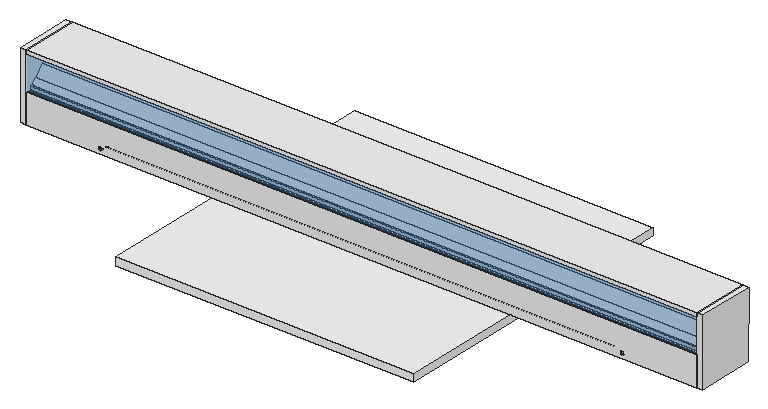
Revit family "BE_50805.1_de_DE", category Leuchten, Revit 2020
Family settings
  Basisbauteil = Fläche
  Bemaßung runder Anschluss = Durchmesser verwenden
  Teiletyp = Normal
  Beim Laden mit Abzugskörper schneiden = Ja
  Lichtquelle = Ja
  Gemeinsam genutzt = Nein
  Raumberechnungspunkt = Ja
Parameters (values of type "BEGA_50805.1_K3")
  built-in parameter 1150104 = 13.935 (stored number, unit not read)
  Wattage = 73.2 W
  Default Elevation = 0 mm
  built-in parameter 1150113 = 1 (stored number, unit not read)
  built-in parameter 1114218 = 1 (stored number, unit not read)
  Umgebungstemperatur = "25 °C"
  URL = "https://www.bega.com/de/produkt/50805.1"
  Typenkommentare = "© 2023 BEGA. Wir behalten uns das Recht vor, technische Änderungen ohne vorherige Ankündigung vorzunehmen."  # constant formula
  built-in parameter 1150134 = (empty or 0)
  built-in parameter 1150109 = 1 (stored number, unit not read)
  built-in parameter 1150110 = 1 (stored number, unit not read)
  Spannung = 239.996 V
  Sonderanfertigung = no
  Seriennummer [instance] = "Hier können Sie die eindeutige Seriennummer für das Facility Management eintragen."
  Schutzklasse = "I"
  Schutzart = "IP 20"
  Scheinlast = 0 VA
  Produktdatenblatt = "https://cdn.bega.com/bega/products/50805.1K3/current/documents/data-sheets/de"
  Neigungswinkel = 0.00°
  Modell = "50805.1K3"
  Material_34 = BEGA_Oberfläche_Samtweiss_matt
  Material_20 = BEGA_Platte_Weiss
  Material_17 = BEGA_Reflektor
  Material_15 = BEGA_Leuchtmedium_matt
  Material_13 = BEGA_Kunststoff_matt
  Material_06 = BEGA_Oberfläche_Edelstahl_gebürstet
  M_W = no
  M_G = no
  M_A = no
  Logo = 0
  built-in parameter 1114217 = 1 (stored number, unit not read)
  built-in parameter 1150139 = (empty or 0)
  built-in parameter 1150105 = 873.76 (stored number, unit not read)
  built-in parameter 1150114 = 1 (stored number, unit not read)
  Lumens = 10980 lm
  built-in parameter 1150115 = 1 (stored number, unit not read)
  Leuchtenlichtstrom = "9052 lm"
  Lebensdauerkriterien = "L70B50 @ 25 °C = 200000 h"
  Lastklassifizierung = Beleuchtung
  built-in parameter 1150112 = 1 (stored number, unit not read)
  Lampenlichtstrom = "10980 lm"
  Lampe = "LED 73.2 W"
  LED_Modulbezeichnung = "6x LED-1049/930"
  Hersteller = "BEGA"  # constant formula
  Gewicht = "5.7 kg"
  Frequenz = "0/50-60 Hz"
  Farbwiedergabeindex = "CRI > 90"
  Farbtemperaturverschiebung bei Dämpfen der Lampe = <Keine Auswahl>
  Farbtemperatur = "3000 K"
  Color Filter = 16777215
  built-in parameter 1150133 = 10 (stored number, unit not read)
  Energieeffizienzklasse = "LED A++ - A"
  built-in parameter 1150137 = (empty or 0)
  built-in parameter 1150132 = (empty or 0)
  ENEC = "ja"
  Dimmbar [instance] = "DALI"
  Datei für fotometrisches Netz = "BE_50805K3.ies"
  CE_Konformität = "ja"
  Bestellnummer = "50805.1K3"
  Beschreibung_Sonderanfertigung = "Hier können Sie Informationen zur Sonderanfertigung eintragen."
  Beschreibung = "Wandleuchte"
  built-in parameter 1150106 = 8.7376 (stored number, unit not read)
  Befestigungsbohrung = "Ø 5,5 mm"
  Befestigungsabstand = "860 mm"
  BEGA_Intern_aus = yes
  BEGA_Intern_an = yes
  BEGA_Intern_Konstruktion = yes
  BEGA_Intern = yes
  BEGA_IES = yes
  BEGA_Dummy = no
  Anschlussleistung [instance] = "81.8 W"
  built-in parameter 1150107 = 3000 (stored number, unit not read)
  built-in parameter 1150102 = (empty or 0)
  built-in parameter 1150138 = (empty or 0)
  Aktualisierung = "2023-06-27T04:00:04"
  AC/DC = "AC/DC"
Reference planes
  plane 1 "Mitte (Vorne/Hinten)": y = 0
  plane 2: z = 0
  plane 3 "Mitte (Links/Rechts)": x = 0
  plane 4 "Links": x = -458
  plane 5 "Rechts": x = 458
  plane 6 "Unten": y = -38
  plane 7 "Oben": y = 38
  plane 8 "Vorne": z = 90
  plane 9 "Hinten": z = 0
Forms (mm)
  Extrusion 1, solid, material "BEGA_Platte_Weiss"
    sketch origin (0, -1119.2, 0) x (1, 0, 0) y (0, 1, 0)
      loop
        line (-200, 1319.2) -> (-200, 919.2) -> (200, 919.2) -> (200, 1319.2) -> (-200, 1319.2)
    from 0 to -10
  Extrusion 2, solid, material "BEGA_Dummy_matt", visible <- "BEGA_Dummy"
    sketch origin (80.095, -76.023, 0) x (1, 0, 0) y (0, 1, 0)
      loop
        line (-538.095, 114.023) -> (-538.095, 38.023) -> (377.905, 38.023) -> (377.905, 114.023) -> (-538.095, 114.023)
    from 0 to 90
Dimensions and locks
  plane 1 "Mitte (Vorne/Hinten)" to Extrusion 1 = 200 mm
  aligned and locked: plane 2 to Extrusion 1
  aligned and locked: level to Extrusion 1
Nested families
  nested 1: "BE_50805.1_Leuchte" at (0, 0, 0), type "BE_50805.1_Leuchte"
Connectors
  electrical at (0, 0, 0), driven by "Lastklassifizierung", driven by "Spannung", driven by "Scheinlast"
    settings: index 1, voltage 239.996 V, apparent load 0 VA, apparent load phase1 0 VA, apparent load phase2 0 VA, apparent load phase3 0 VA, power factor 1, load classification "Beleuchtung", number of poles 1, system type 31, power factor state 1, is connector primary yes, connector utility no, sub classification motor no, connector description ""
Definition of nested family "BE_50805.1_Leuchte"
  Parameters (values of type "BE_50805.1_Leuchte")
    Default Elevation = 1 mm
    URL = "http://www.bega.de/de/produkt"
    Type Comments = "© 2015 BEGA. Wir behalten uns das Recht vor, technische Änderungen ohne vorherige Ankündigung vorzunehmen. "  # constant formula
    Type Image = (empty or 0)
    Material_34 = none
    Material_20 = none
    Material_17 = none
    Material_15 = none
    Material_13 = none
    Material_06 = none
    Länge_Platte = 1000 mm  # constant formula
    Höhe_Platte = -10 mm  # constant formula
    Manufacturer = "BEGA"  # constant formula
    Breite_Platte = 200 mm  # constant formula
  Reference planes
    plane 1 "Mitte (Oben/Unten)": y = 0
    plane 2: z = 0
    plane 3 "Mitte (Links/Rechts)": x = 0
    plane 4: z = 90
    plane 5: x = -458
    plane 6: x = 458
    plane 7: y = -38
    plane 8: y = 38
  Forms (mm)
    Extrusion 1, solid, detail levels medium
      sketch origin (0, 0, 0) x (1, 0, 0) y (0, 1, 0)
        loop
          line (-500, 100) -> (-500, -100) -> (500, -100) -> (500, 100) -> (-500, 100)
      from 0 to -10 <- "Höhe_Platte"
    Extrusion 2, solid, material <- "Material_34"
      sketch origin (0, 0, 0) x (0, 1, 0) y (0, 0, 1)
        loop
          line (-27.5, 8) -> (-27.5, 9.5)
          arc (-27.5, 9.5) -> (-27.646, 9.854) -> (-28, 10) r 0.5
          line (-28, 10) -> (-32.322, 10) -> (-33.2, 9.539)
          arc (-33.2, 9.539) -> (-33.8, 8.5) -> (-33.2, 7.461) r 1.2
          line (-33.2, 7.461) -> (-30.5, 5.902) -> (-30.5, 2.5) -> (-34, 2.5) -> (-34, 0) -> (-26, 0) -> (-23.402, 4.5) -> (22.402, 4.5) -> (25, 0) -> (33, 0) -> (33, 2.5) -> (28, 2.5) -> (26, 4.5) -> (26, 6.5) -> (28.075, 8.575) -> (27.252, 10) -> (24.5, 10)
          arc (24.5, 10) -> (24.146, 9.854) -> (24, 9.5) r 0.5
          line (24, 9.5) -> (24, 8) -> (-27.5, 8)
      from -449 to 449
    Extrusion 3, void
      sketch origin (0, 0, 0) x (1, 0, 0) y (0, 1, 0)
        loop
          arc (432.75, 12.5) -> (430, 15.25) -> (427.25, 12.5) r 2.75
          line (427.25, 12.5) -> (427.25, 7.5)
          arc (427.25, 7.5) -> (430, 4.75) -> (432.75, 7.5) r 2.75
          line (432.75, 7.5) -> (432.75, 12.5)
        loop
          line (-258, -15) -> (-124, -15)
          arc (-124, -15) -> (-118.343, -12.657) -> (-116, -7) r 8
          line (-116, -7) -> (-116, 7)
          arc (-116, 7) -> (-118.343, 12.657) -> (-124, 15) r 8
          line (-124, 15) -> (-258, 15)
          arc (-258, 15) -> (-263.657, 12.657) -> (-266, 7) r 8
          line (-266, 7) -> (-266, -7)
          arc (-266, -7) -> (-263.657, -12.657) -> (-258, -15) r 8
        loop
          arc (-432.5, 12.75) -> (-435.25, 10) -> (-432.5, 7.25) r 2.75
          line (-432.5, 7.25) -> (-427.5, 7.25)
          arc (-427.5, 7.25) -> (-424.75, 10) -> (-427.5, 12.75) r 2.75
          line (-427.5, 12.75) -> (-432.5, 12.75)
      from 4.509 to 8
    Extrusion 4, solid, material <- "Material_34"
      sketch origin (0, 0, 0) x (0, 1, 0) y (0, 0, 1)
        loop
          line (38, 0.5) -> (38, 39.15) -> (33.601, 39.15) -> (6.498, 47.798)
          arc (6.498, 47.798) -> (3.968, 49.61) -> (3, 52.567) r 5
          line (3, 52.567) -> (3, 84) -> (8.5, 84) -> (8.5, 78.176) -> (27.25, 85) -> (38, 85) -> (38, 90) -> (-38, 90) -> (-38, 85) -> (-27.238, 85) -> (-8.5, 78.004) -> (-8.5, 84) -> (-3, 84) -> (-3, 52.567)
          arc (-3, 52.567) -> (-3.966, 49.613) -> (-6.49, 47.8) r 5
          line (-6.49, 47.8) -> (-33.924, 39.15) -> (-38, 39.15) -> (-38, 0.499) -> (-35, 0.506) -> (-35, 2.5) -> (-31.5, 2.5) -> (-31.5, 34.7) -> (-21.034, 38) -> (21.034, 38) -> (31.5, 34.7) -> (31.5, 2.5) -> (35, 2.5) -> (35, 0.5) -> (38, 0.5)
      from -450 to 450
    Extrusion 5, solid, material <- "Material_17"
      sketch origin (0, 0, 0) x (0, 1, 0) y (0, 0, 1)
        loop
          arc (31.45, 43.726) -> (31.305, 44.368) -> (30.899, 44.887) r 1.5
          line (30.899, 44.887) -> (23.469, 51.026)
          arc (23.469, 51.026) -> (17.416, 56.53) -> (11.913, 62.582) r 86.259
          arc (11.913, 62.582) -> (7.762, 69.413) -> (5.732, 77.143) r 27.743
          arc (5.732, 77.143) -> (5.453, 81.427) -> (5.582, 85.717) r 45.261
          line (5.582, 85.717) -> (4.585, 85.795)
          arc (4.585, 85.795) -> (4.454, 81.409) -> (4.738, 77.031) r 46.261
          arc (4.738, 77.031) -> (6.842, 69.022) -> (11.142, 61.946) r 28.743
          arc (11.142, 61.946) -> (14.418, 58.202) -> (17.903, 54.652) r 87.259
          line (17.903, 54.652) -> (30.566, 44.19) -> (30.566, 38.273) -> (31.45, 38.273) -> (31.45, 43.726)
      from -450 to 450
    Extrusion 6, solid, material <- "Material_17"
      sketch origin (0, 0, 0) x (0, -1, 0) y (0, 0, -1)
        loop
          line (31.45, -43.726) -> (31.45, -38.273) -> (30.566, -38.273) -> (30.566, -44.19) -> (17.903, -54.652)
          arc (17.903, -54.652) -> (14.418, -58.202) -> (11.142, -61.946) r 87.259
          arc (11.142, -61.946) -> (6.842, -69.022) -> (4.738, -77.031) r 28.743
          arc (4.738, -77.031) -> (4.454, -81.409) -> (4.585, -85.795) r 46.261
          line (4.585, -85.795) -> (5.582, -85.717)
          arc (5.582, -85.717) -> (5.453, -81.427) -> (5.732, -77.143) r 45.261
          arc (5.732, -77.143) -> (7.762, -69.413) -> (11.913, -62.582) r 27.743
          arc (11.913, -62.582) -> (17.416, -56.53) -> (23.469, -51.026) r 86.259
          line (23.469, -51.026) -> (30.899, -44.887)
          arc (30.899, -44.887) -> (31.305, -44.368) -> (31.45, -43.726) r 1.5
      from -450 to 450
    Extrusion 7, solid, material <- "Material_13"
      sketch origin (0, 0, 0) x (0, 1, 0) y (0, 0, 1)
        loop
          line (-37.4, 85) -> (-37.4, 39.15) -> (-34.4, 39.15) -> (-34.4, 85) -> (-37.4, 85)
        loop
          line (37.4, 39.15) -> (37.4, 85) -> (34.4, 85) -> (34.4, 39.15) -> (37.4, 39.15)
      from -450 to 450
    Extrusion 8, solid, material <- "Material_34"
      sketch origin (0, 0, 0) x (0, 1, 0) y (0, 0, 1)
        loop
          line (38, 0.511) -> (38, 90) -> (-38, 90) -> (-38, 0.498) -> (38, 0.511)
      from 450 to 458
    Extrusion 9, solid, material <- "Material_34"
      sketch origin (0, 0, 0) x (0, 1, 0) y (0, 0, -1)
        loop
          line (38, -0.511) -> (-38, -0.498) -> (-38, -90) -> (38, -90) -> (38, -0.511)
      from 450 to 458
    Extrusion 10, solid, material <- "Material_15"
      sketch origin (0, 0, 0) x (0, 1, 0) y (0, 0, 1)
        loop
          line (13.886, 77.795) -> (16.705, 78.821) -> (16.393, 79.676) -> (13.574, 78.65) -> (13.886, 77.795)
        loop
          line (-13.886, 77.795) -> (-13.574, 78.65) -> (-16.393, 79.676) -> (-16.705, 78.821) -> (-13.886, 77.795)
      from -1.5 to 1.5
    Extrusion 11, solid, material <- "Material_15"
      sketch origin (10.985, 0, 0) x (0, 1, 0) y (0, 0, -1)
        loop
          line (13.886, -77.795) -> (13.574, -78.65) -> (16.393, -79.676) -> (16.705, -78.821) -> (13.886, -77.795)
        loop
          line (-13.886, -77.795) -> (-16.705, -78.821) -> (-16.393, -79.676) -> (-13.574, -78.65) -> (-13.886, -77.795)
      from -1.5 to 1.5
    Extrusion 12, solid, material <- "Material_15"
      sketch origin (21.969, 0, 0) x (0, 1, 0) y (0, 0, -1)
        loop
          line (13.886, -77.795) -> (13.574, -78.65) -> (16.393, -79.676) -> (16.705, -78.821) -> (13.886, -77.795)
        loop
          line (-13.886, -77.795) -> (-16.705, -78.821) -> (-16.393, -79.676) -> (-13.574, -78.65) -> (-13.886, -77.795)
      from -1.5 to 1.5
    Extrusion 13, solid, material <- "Material_15"
      sketch origin (32.954, 0, 0) x (0, 1, 0) y (0, 0, -1)
        loop
          line (13.886, -77.795) -> (13.574, -78.65) -> (16.393, -79.676) -> (16.705, -78.821) -> (13.886, -77.795)
        loop
          line (-13.886, -77.795) -> (-16.705, -78.821) -> (-16.393, -79.676) -> (-13.574, -78.65) -> (-13.886, -77.795)
      from -1.5 to 1.5
    Extrusion 14, solid, material <- "Material_15"
      sketch origin (43.938, 0, 0) x (0, 1, 0) y (0, 0, -1)
        loop
          line (13.886, -77.795) -> (13.574, -78.65) -> (16.393, -79.676) -> (16.705, -78.821) -> (13.886, -77.795)
        loop
          line (-13.886, -77.795) -> (-16.705, -78.821) -> (-16.393, -79.676) -> (-13.574, -78.65) -> (-13.886, -77.795)
      from -1.5 to 1.5
    Extrusion 15, solid, material <- "Material_15"
      sketch origin (54.923, 0, 0) x (0, 1, 0) y (0, 0, -1)
        loop
          line (13.886, -77.795) -> (13.574, -78.65) -> (16.393, -79.676) -> (16.705, -78.821) -> (13.886, -77.795)
        loop
          line (-13.886, -77.795) -> (-16.705, -78.821) -> (-16.393, -79.676) -> (-13.574, -78.65) -> (-13.886, -77.795)
      from -1.5 to 1.5
    Extrusion 16, solid, material <- "Material_15"
      sketch origin (65.908, 0, 0) x (0, 1, 0) y (0, 0, -1)
        loop
          line (13.886, -77.795) -> (13.574, -78.65) -> (16.393, -79.676) -> (16.705, -78.821) -> (13.886, -77.795)
        loop
          line (-13.886, -77.795) -> (-16.705, -78.821) -> (-16.393, -79.676) -> (-13.574, -78.65) -> (-13.886, -77.795)
      from -1.5 to 1.5
    Extrusion 17, solid, material <- "Material_15"
      sketch origin (76.892, 0, 0) x (0, 1, 0) y (0, 0, -1)
        loop
          line (13.886, -77.795) -> (13.574, -78.65) -> (16.393, -79.676) -> (16.705, -78.821) -> (13.886, -77.795)
        loop
          line (-13.886, -77.795) -> (-16.705, -78.821) -> (-16.393, -79.676) -> (-13.574, -78.65) -> (-13.886, -77.795)
      from -1.5 to 1.5
    Extrusion 18, solid, material <- "Material_15"
      sketch origin (87.877, 0, 0) x (0, 1, 0) y (0, 0, -1)
        loop
          line (13.886, -77.795) -> (13.574, -78.65) -> (16.393, -79.676) -> (16.705, -78.821) -> (13.886, -77.795)
        loop
          line (-13.886, -77.795) -> (-16.705, -78.821) -> (-16.393, -79.676) -> (-13.574, -78.65) -> (-13.886, -77.795)
      from -1.5 to 1.5
    Extrusion 19, solid, material <- "Material_15"
      sketch origin (98.862, 0, 0) x (0, 1, 0) y (0, 0, -1)
        loop
          line (13.886, -77.795) -> (13.574, -78.65) -> (16.393, -79.676) -> (16.705, -78.821) -> (13.886, -77.795)
        loop
          line (-13.886, -77.795) -> (-16.705, -78.821) -> (-16.393, -79.676) -> (-13.574, -78.65) -> (-13.886, -77.795)
      from -1.5 to 1.5
    Extrusion 20, solid, material <- "Material_15"
      sketch origin (109.846, 0, 0) x (0, 1, 0) y (0, 0, -1)
        loop
          line (13.886, -77.795) -> (13.574, -78.65) -> (16.393, -79.676) -> (16.705, -78.821) -> (13.886, -77.795)
        loop
          line (-13.886, -77.795) -> (-16.705, -78.821) -> (-16.393, -79.676) -> (-13.574, -78.65) -> (-13.886, -77.795)
      from -1.5 to 1.5
    Extrusion 21, solid, material <- "Material_15"
      sketch origin (120.831, 0, 0) x (0, 1, 0) y (0, 0, -1)
        loop
          line (13.886, -77.795) -> (13.574, -78.65) -> (16.393, -79.676) -> (16.705, -78.821) -> (13.886, -77.795)
        loop
          line (-13.886, -77.795) -> (-16.705, -78.821) -> (-16.393, -79.676) -> (-13.574, -78.65) -> (-13.886, -77.795)
      from -1.5 to 1.5
    Extrusion 22, solid, material <- "Material_15"
      sketch origin (131.815, 0, 0) x (0, 1, 0) y (0, 0, -1)
        loop
          line (13.886, -77.795) -> (13.574, -78.65) -> (16.393, -79.676) -> (16.705, -78.821) -> (13.886, -77.795)
        loop
          line (-13.886, -77.795) -> (-16.705, -78.821) -> (-16.393, -79.676) -> (-13.574, -78.65) -> (-13.886, -77.795)
      from -1.5 to 1.5
    Extrusion 23, solid, material <- "Material_15"
      sketch origin (142.8, 0, 0) x (0, 1, 0) y (0, 0, -1)
        loop
          line (13.886, -77.795) -> (13.574, -78.65) -> (16.393, -79.676) -> (16.705, -78.821) -> (13.886, -77.795)
        loop
          line (-13.886, -77.795) -> (-16.705, -78.821) -> (-16.393, -79.676) -> (-13.574, -78.65) -> (-13.886, -77.795)
      from -1.5 to 1.5
    Extrusion 24, solid, material <- "Material_15"
      sketch origin (156.2, 0, 0) x (0, 1, 0) y (0, 0, -1)
        loop
          line (13.886, -77.795) -> (13.574, -78.65) -> (16.393, -79.676) -> (16.705, -78.821) -> (13.886, -77.795)
        loop
          line (-13.886, -77.795) -> (-16.705, -78.821) -> (-16.393, -79.676) -> (-13.574, -78.65) -> (-13.886, -77.795)
      from -1.5 to 1.5
    Extrusion 25, solid, material <- "Material_15"
      sketch origin (167.185, 0, 0) x (0, 1, 0) y (0, 0, -1)
        loop
          line (13.886, -77.795) -> (13.574, -78.65) -> (16.393, -79.676) -> (16.705, -78.821) -> (13.886, -77.795)
        loop
          line (-13.886, -77.795) -> (-16.705, -78.821) -> (-16.393, -79.676) -> (-13.574, -78.65) -> (-13.886, -77.795)
      from -1.5 to 1.5
    Extrusion 26, solid, material <- "Material_15"
      sketch origin (178.169, 0, 0) x (0, 1, 0) y (0, 0, -1)
        loop
          line (13.886, -77.795) -> (13.574, -78.65) -> (16.393, -79.676) -> (16.705, -78.821) -> (13.886, -77.795)
        loop
          line (-13.886, -77.795) -> (-16.705, -78.821) -> (-16.393, -79.676) -> (-13.574, -78.65) -> (-13.886, -77.795)
      from -1.5 to 1.5
    Extrusion 27, solid, material <- "Material_15"
      sketch origin (189.154, 0, 0) x (0, 1, 0) y (0, 0, -1)
        loop
          line (13.886, -77.795) -> (13.574, -78.65) -> (16.393, -79.676) -> (16.705, -78.821) -> (13.886, -77.795)
        loop
          line (-13.886, -77.795) -> (-16.705, -78.821) -> (-16.393, -79.676) -> (-13.574, -78.65) -> (-13.886, -77.795)
      from -1.5 to 1.5
    Extrusion 28, solid, material <- "Material_15"
      sketch origin (200.138, 0, 0) x (0, 1, 0) y (0, 0, -1)
        loop
          line (13.886, -77.795) -> (13.574, -78.65) -> (16.393, -79.676) -> (16.705, -78.821) -> (13.886, -77.795)
        loop
          line (-13.886, -77.795) -> (-16.705, -78.821) -> (-16.393, -79.676) -> (-13.574, -78.65) -> (-13.886, -77.795)
      from -1.5 to 1.5
    Extrusion 29, solid, material <- "Material_15"
      sketch origin (211.123, 0, 0) x (0, 1, 0) y (0, 0, -1)
        loop
          line (13.886, -77.795) -> (13.574, -78.65) -> (16.393, -79.676) -> (16.705, -78.821) -> (13.886, -77.795)
        loop
          line (-13.886, -77.795) -> (-16.705, -78.821) -> (-16.393, -79.676) -> (-13.574, -78.65) -> (-13.886, -77.795)
      from -1.5 to 1.5
    Extrusion 30, solid, material <- "Material_15"
      sketch origin (222.108, 0, 0) x (0, 1, 0) y (0, 0, -1)
        loop
          line (13.886, -77.795) -> (13.574, -78.65) -> (16.393, -79.676) -> (16.705, -78.821) -> (13.886, -77.795)
        loop
          line (-13.886, -77.795) -> (-16.705, -78.821) -> (-16.393, -79.676) -> (-13.574, -78.65) -> (-13.886, -77.795)
      from -1.5 to 1.5
    Extrusion 31, solid, material <- "Material_15"
      sketch origin (233.092, 0, 0) x (0, 1, 0) y (0, 0, -1)
        loop
          line (13.886, -77.795) -> (13.574, -78.65) -> (16.393, -79.676) -> (16.705, -78.821) -> (13.886, -77.795)
        loop
          line (-13.886, -77.795) -> (-16.705, -78.821) -> (-16.393, -79.676) -> (-13.574, -78.65) -> (-13.886, -77.795)
      from -1.5 to 1.5
    Extrusion 32, solid, material <- "Material_15"
      sketch origin (244.077, 0, 0) x (0, 1, 0) y (0, 0, -1)
        loop
          line (13.886, -77.795) -> (13.574, -78.65) -> (16.393, -79.676) -> (16.705, -78.821) -> (13.886, -77.795)
        loop
          line (-13.886, -77.795) -> (-16.705, -78.821) -> (-16.393, -79.676) -> (-13.574, -78.65) -> (-13.886, -77.795)
      from -1.5 to 1.5
    Extrusion 33, solid, material <- "Material_15"
      sketch origin (255.062, 0, 0) x (0, 1, 0) y (0, 0, -1)
        loop
          line (13.886, -77.795) -> (13.574, -78.65) -> (16.393, -79.676) -> (16.705, -78.821) -> (13.886, -77.795)
        loop
          line (-13.886, -77.795) -> (-16.705, -78.821) -> (-16.393, -79.676) -> (-13.574, -78.65) -> (-13.886, -77.795)
      from -1.5 to 1.5
    Extrusion 34, solid, material <- "Material_15"
      sketch origin (266.046, 0, 0) x (0, 1, 0) y (0, 0, -1)
        loop
          line (13.886, -77.795) -> (13.574, -78.65) -> (16.393, -79.676) -> (16.705, -78.821) -> (13.886, -77.795)
        loop
          line (-13.886, -77.795) -> (-16.705, -78.821) -> (-16.393, -79.676) -> (-13.574, -78.65) -> (-13.886, -77.795)
      from -1.5 to 1.5
    Extrusion 35, solid, material <- "Material_15"
      sketch origin (277.031, 0, 0) x (0, 1, 0) y (0, 0, -1)
        loop
          line (13.886, -77.795) -> (13.574, -78.65) -> (16.393, -79.676) -> (16.705, -78.821) -> (13.886, -77.795)
        loop
          line (-13.886, -77.795) -> (-16.705, -78.821) -> (-16.393, -79.676) -> (-13.574, -78.65) -> (-13.886, -77.795)
      from -1.5 to 1.5
    Extrusion 36, solid, material <- "Material_15"
      sketch origin (288.015, 0, 0) x (0, 1, 0) y (0, 0, -1)
        loop
          line (13.886, -77.795) -> (13.574, -78.65) -> (16.393, -79.676) -> (16.705, -78.821) -> (13.886, -77.795)
        loop
          line (-13.886, -77.795) -> (-16.705, -78.821) -> (-16.393, -79.676) -> (-13.574, -78.65) -> (-13.886, -77.795)
      from -1.5 to 1.5
    Extrusion 37, solid, material <- "Material_15"
      sketch origin (299, 0, 0) x (0, 1, 0) y (0, 0, -1)
        loop
          line (13.886, -77.795) -> (13.574, -78.65) -> (16.393, -79.676) -> (16.705, -78.821) -> (13.886, -77.795)
        loop
          line (-13.886, -77.795) -> (-16.705, -78.821) -> (-16.393, -79.676) -> (-13.574, -78.65) -> (-13.886, -77.795)
      from -1.5 to 1.5
    Extrusion 38, solid, material <- "Material_15"
      sketch origin (309.985, 0, 0) x (0, 1, 0) y (0, 0, -1)
        loop
          line (13.886, -77.795) -> (13.574, -78.65) -> (16.393, -79.676) -> (16.705, -78.821) -> (13.886, -77.795)
        loop
          line (-13.886, -77.795) -> (-16.705, -78.821) -> (-16.393, -79.676) -> (-13.574, -78.65) -> (-13.886, -77.795)
      from -1.5 to 1.5
    Extrusion 39, solid, material <- "Material_15"
      sketch origin (320.969, 0, 0) x (0, 1, 0) y (0, 0, -1)
        loop
          line (13.886, -77.795) -> (13.574, -78.65) -> (16.393, -79.676) -> (16.705, -78.821) -> (13.886, -77.795)
        loop
          line (-13.886, -77.795) -> (-16.705, -78.821) -> (-16.393, -79.676) -> (-13.574, -78.65) -> (-13.886, -77.795)
      from -1.5 to 1.5
    Extrusion 40, solid, material <- "Material_15"
      sketch origin (331.954, 0, 0) x (0, 1, 0) y (0, 0, -1)
        loop
          line (13.886, -77.795) -> (13.574, -78.65) -> (16.393, -79.676) -> (16.705, -78.821) -> (13.886, -77.795)
        loop
          line (-13.886, -77.795) -> (-16.705, -78.821) -> (-16.393, -79.676) -> (-13.574, -78.65) -> (-13.886, -77.795)
      from -1.5 to 1.5
    Extrusion 41, solid, material <- "Material_15"
      sketch origin (342.938, 0, 0) x (0, 1, 0) y (0, 0, -1)
        loop
          line (13.886, -77.795) -> (13.574, -78.65) -> (16.393, -79.676) -> (16.705, -78.821) -> (13.886, -77.795)
        loop
          line (-13.886, -77.795) -> (-16.705, -78.821) -> (-16.393, -79.676) -> (-13.574, -78.65) -> (-13.886, -77.795)
      from -1.5 to 1.5
    Extrusion 42, solid, material <- "Material_15"
      sketch origin (353.923, 0, 0) x (0, 1, 0) y (0, 0, -1)
        loop
          line (13.886, -77.795) -> (13.574, -78.65) -> (16.393, -79.676) -> (16.705, -78.821) -> (13.886, -77.795)
        loop
          line (-13.886, -77.795) -> (-16.705, -78.821) -> (-16.393, -79.676) -> (-13.574, -78.65) -> (-13.886, -77.795)
      from -1.5 to 1.5
    Extrusion 43, solid, material <- "Material_15"
      sketch origin (364.908, 0, 0) x (0, 1, 0) y (0, 0, -1)
        loop
          line (13.886, -77.795) -> (13.574, -78.65) -> (16.393, -79.676) -> (16.705, -78.821) -> (13.886, -77.795)
        loop
          line (-13.886, -77.795) -> (-16.705, -78.821) -> (-16.393, -79.676) -> (-13.574, -78.65) -> (-13.886, -77.795)
      from -1.5 to 1.5
    Extrusion 44, solid, material <- "Material_15"
      sketch origin (375.892, 0, 0) x (0, 1, 0) y (0, 0, -1)
        loop
          line (13.886, -77.795) -> (13.574, -78.65) -> (16.393, -79.676) -> (16.705, -78.821) -> (13.886, -77.795)
        loop
          line (-13.886, -77.795) -> (-16.705, -78.821) -> (-16.393, -79.676) -> (-13.574, -78.65) -> (-13.886, -77.795)
      from -1.5 to 1.5
    Extrusion 45, solid, material <- "Material_15"
      sketch origin (386.877, 0, 0) x (0, 1, 0) y (0, 0, -1)
        loop
          line (13.886, -77.795) -> (13.574, -78.65) -> (16.393, -79.676) -> (16.705, -78.821) -> (13.886, -77.795)
        loop
          line (-13.886, -77.795) -> (-16.705, -78.821) -> (-16.393, -79.676) -> (-13.574, -78.65) -> (-13.886, -77.795)
      from -1.5 to 1.5
    Extrusion 46, solid, material <- "Material_15"
      sketch origin (397.862, 0, 0) x (0, 1, 0) y (0, 0, -1)
        loop
          line (13.886, -77.795) -> (13.574, -78.65) -> (16.393, -79.676) -> (16.705, -78.821) -> (13.886, -77.795)
        loop
          line (-13.886, -77.795) -> (-16.705, -78.821) -> (-16.393, -79.676) -> (-13.574, -78.65) -> (-13.886, -77.795)
      from -1.5 to 1.5
    Extrusion 47, solid, material <- "Material_15"
      sketch origin (408.846, 0, 0) x (0, 1, 0) y (0, 0, -1)
        loop
          line (13.886, -77.795) -> (13.574, -78.65) -> (16.393, -79.676) -> (16.705, -78.821) -> (13.886, -77.795)
        loop
          line (-13.886, -77.795) -> (-16.705, -78.821) -> (-16.393, -79.676) -> (-13.574, -78.65) -> (-13.886, -77.795)
      from -1.5 to 1.5
    Extrusion 48, solid, material <- "Material_15"
      sketch origin (419.831, 0, 0) x (0, 1, 0) y (0, 0, -1)
        loop
          line (13.886, -77.795) -> (13.574, -78.65) -> (16.393, -79.676) -> (16.705, -78.821) -> (13.886, -77.795)
        loop
          line (-13.886, -77.795) -> (-16.705, -78.821) -> (-16.393, -79.676) -> (-13.574, -78.65) -> (-13.886, -77.795)
      from -1.5 to 1.5
    Extrusion 49, solid, material <- "Material_15"
      sketch origin (430.815, 0, 0) x (0, 1, 0) y (0, 0, -1)
        loop
          line (13.886, -77.795) -> (13.574, -78.65) -> (16.393, -79.676) -> (16.705, -78.821) -> (13.886, -77.795)
        loop
          line (-13.886, -77.795) -> (-16.705, -78.821) -> (-16.393, -79.676) -> (-13.574, -78.65) -> (-13.886, -77.795)
      from -1.5 to 1.5
    Extrusion 50, solid, material <- "Material_15"
      sketch origin (441.8, 0, 0) x (0, 1, 0) y (0, 0, -1)
        loop
          line (13.886, -77.795) -> (13.574, -78.65) -> (16.393, -79.676) -> (16.705, -78.821) -> (13.886, -77.795)
        loop
          line (-13.886, -77.795) -> (-16.705, -78.821) -> (-16.393, -79.676) -> (-13.574, -78.65) -> (-13.886, -77.795)
      from -1.5 to 1.5
    Extrusion 51, solid, material <- "Material_15"
      sketch origin (-142.8, 0, 0) x (0, 1, 0) y (0, 0, -1)
        loop
          line (13.886, -77.795) -> (13.574, -78.65) -> (16.393, -79.676) -> (16.705, -78.821) -> (13.886, -77.795)
        loop
          line (-13.886, -77.795) -> (-16.705, -78.821) -> (-16.393, -79.676) -> (-13.574, -78.65) -> (-13.886, -77.795)
      from -1.5 to 1.5
    Extrusion 52, solid, material <- "Material_15"
      sketch origin (-131.815, 0, 0) x (0, 1, 0) y (0, 0, -1)
        loop
          line (13.886, -77.795) -> (13.574, -78.65) -> (16.393, -79.676) -> (16.705, -78.821) -> (13.886, -77.795)
        loop
          line (-13.886, -77.795) -> (-16.705, -78.821) -> (-16.393, -79.676) -> (-13.574, -78.65) -> (-13.886, -77.795)
      from -1.5 to 1.5
    Extrusion 53, solid, material <- "Material_15"
      sketch origin (-120.831, 0, 0) x (0, 1, 0) y (0, 0, -1)
        loop
          line (13.886, -77.795) -> (13.574, -78.65) -> (16.393, -79.676) -> (16.705, -78.821) -> (13.886, -77.795)
        loop
          line (-13.886, -77.795) -> (-16.705, -78.821) -> (-16.393, -79.676) -> (-13.574, -78.65) -> (-13.886, -77.795)
      from -1.5 to 1.5
    Extrusion 54, solid, material <- "Material_15"
      sketch origin (-109.846, 0, 0) x (0, 1, 0) y (0, 0, -1)
        loop
          line (13.886, -77.795) -> (13.574, -78.65) -> (16.393, -79.676) -> (16.705, -78.821) -> (13.886, -77.795)
        loop
          line (-13.886, -77.795) -> (-16.705, -78.821) -> (-16.393, -79.676) -> (-13.574, -78.65) -> (-13.886, -77.795)
      from -1.5 to 1.5
    Extrusion 55, solid, material <- "Material_15"
      sketch origin (-98.862, 0, 0) x (0, 1, 0) y (0, 0, -1)
        loop
          line (13.886, -77.795) -> (13.574, -78.65) -> (16.393, -79.676) -> (16.705, -78.821) -> (13.886, -77.795)
        loop
          line (-13.886, -77.795) -> (-16.705, -78.821) -> (-16.393, -79.676) -> (-13.574, -78.65) -> (-13.886, -77.795)
      from -1.5 to 1.5
    Extrusion 56, solid, material <- "Material_15"
      sketch origin (-87.877, 0, 0) x (0, 1, 0) y (0, 0, -1)
        loop
          line (13.886, -77.795) -> (13.574, -78.65) -> (16.393, -79.676) -> (16.705, -78.821) -> (13.886, -77.795)
        loop
          line (-13.886, -77.795) -> (-16.705, -78.821) -> (-16.393, -79.676) -> (-13.574, -78.65) -> (-13.886, -77.795)
      from -1.5 to 1.5
    Extrusion 57, solid, material <- "Material_15"
      sketch origin (-76.892, 0, 0) x (0, 1, 0) y (0, 0, -1)
        loop
          line (13.886, -77.795) -> (13.574, -78.65) -> (16.393, -79.676) -> (16.705, -78.821) -> (13.886, -77.795)
        loop
          line (-13.886, -77.795) -> (-16.705, -78.821) -> (-16.393, -79.676) -> (-13.574, -78.65) -> (-13.886, -77.795)
      from -1.5 to 1.5
    Extrusion 58, solid, material <- "Material_15"
      sketch origin (-65.908, 0, 0) x (0, 1, 0) y (0, 0, -1)
        loop
          line (13.886, -77.795) -> (13.574, -78.65) -> (16.393, -79.676) -> (16.705, -78.821) -> (13.886, -77.795)
        loop
          line (-13.886, -77.795) -> (-16.705, -78.821) -> (-16.393, -79.676) -> (-13.574, -78.65) -> (-13.886, -77.795)
      from -1.5 to 1.5
    Extrusion 59, solid, material <- "Material_15"
      sketch origin (-54.923, 0, 0) x (0, 1, 0) y (0, 0, -1)
        loop
          line (13.886, -77.795) -> (13.574, -78.65) -> (16.393, -79.676) -> (16.705, -78.821) -> (13.886, -77.795)
        loop
          line (-13.886, -77.795) -> (-16.705, -78.821) -> (-16.393, -79.676) -> (-13.574, -78.65) -> (-13.886, -77.795)
      from -1.5 to 1.5
    Extrusion 60, solid, material <- "Material_15"
      sketch origin (-43.938, 0, 0) x (0, 1, 0) y (0, 0, -1)
        loop
          line (13.886, -77.795) -> (13.574, -78.65) -> (16.393, -79.676) -> (16.705, -78.821) -> (13.886, -77.795)
        loop
          line (-13.886, -77.795) -> (-16.705, -78.821) -> (-16.393, -79.676) -> (-13.574, -78.65) -> (-13.886, -77.795)
      from -1.5 to 1.5
    Extrusion 61, solid, material <- "Material_15"
      sketch origin (-32.954, 0, 0) x (0, 1, 0) y (0, 0, -1)
        loop
          line (13.886, -77.795) -> (13.574, -78.65) -> (16.393, -79.676) -> (16.705, -78.821) -> (13.886, -77.795)
        loop
          line (-13.886, -77.795) -> (-16.705, -78.821) -> (-16.393, -79.676) -> (-13.574, -78.65) -> (-13.886, -77.795)
      from -1.5 to 1.5
    Extrusion 62, solid, material <- "Material_15"
      sketch origin (-21.969, 0, 0) x (0, 1, 0) y (0, 0, -1)
        loop
          line (13.886, -77.795) -> (13.574, -78.65) -> (16.393, -79.676) -> (16.705, -78.821) -> (13.886, -77.795)
        loop
          line (-13.886, -77.795) -> (-16.705, -78.821) -> (-16.393, -79.676) -> (-13.574, -78.65) -> (-13.886, -77.795)
      from -1.5 to 1.5
    Extrusion 63, solid, material <- "Material_15"
      sketch origin (-10.985, 0, 0) x (0, 1, 0) y (0, 0, -1)
        loop
          line (13.886, -77.795) -> (13.574, -78.65) -> (16.393, -79.676) -> (16.705, -78.821) -> (13.886, -77.795)
        loop
          line (-13.886, -77.795) -> (-16.705, -78.821) -> (-16.393, -79.676) -> (-13.574, -78.65) -> (-13.886, -77.795)
      from -1.5 to 1.5
    Extrusion 64, solid, material <- "Material_15"
      sketch origin (-288.015, 0, 0) x (0, 1, 0) y (0, 0, -1)
        loop
          line (13.886, -77.795) -> (13.574, -78.65) -> (16.393, -79.676) -> (16.705, -78.821) -> (13.886, -77.795)
        loop
          line (-13.886, -77.795) -> (-16.705, -78.821) -> (-16.393, -79.676) -> (-13.574, -78.65) -> (-13.886, -77.795)
      from -1.5 to 1.5
    Extrusion 65, solid, material <- "Material_15"
      sketch origin (-277.031, 0, 0) x (0, 1, 0) y (0, 0, -1)
        loop
          line (13.886, -77.795) -> (13.574, -78.65) -> (16.393, -79.676) -> (16.705, -78.821) -> (13.886, -77.795)
        loop
          line (-13.886, -77.795) -> (-16.705, -78.821) -> (-16.393, -79.676) -> (-13.574, -78.65) -> (-13.886, -77.795)
      from -1.5 to 1.5
    Extrusion 66, solid, material <- "Material_15"
      sketch origin (-266.046, 0, 0) x (0, 1, 0) y (0, 0, -1)
        loop
          line (13.886, -77.795) -> (13.574, -78.65) -> (16.393, -79.676) -> (16.705, -78.821) -> (13.886, -77.795)
        loop
          line (-13.886, -77.795) -> (-16.705, -78.821) -> (-16.393, -79.676) -> (-13.574, -78.65) -> (-13.886, -77.795)
      from -1.5 to 1.5
    Extrusion 67, solid, material <- "Material_15"
      sketch origin (-255.062, 0, 0) x (0, 1, 0) y (0, 0, -1)
        loop
          line (13.886, -77.795) -> (13.574, -78.65) -> (16.393, -79.676) -> (16.705, -78.821) -> (13.886, -77.795)
        loop
          line (-13.886, -77.795) -> (-16.705, -78.821) -> (-16.393, -79.676) -> (-13.574, -78.65) -> (-13.886, -77.795)
      from -1.5 to 1.5
    Extrusion 68, solid, material <- "Material_15"
      sketch origin (-244.077, 0, 0) x (0, 1, 0) y (0, 0, -1)
        loop
          line (13.886, -77.795) -> (13.574, -78.65) -> (16.393, -79.676) -> (16.705, -78.821) -> (13.886, -77.795)
        loop
          line (-13.886, -77.795) -> (-16.705, -78.821) -> (-16.393, -79.676) -> (-13.574, -78.65) -> (-13.886, -77.795)
      from -1.5 to 1.5
    Extrusion 69, solid, material <- "Material_15"
      sketch origin (-233.092, 0, 0) x (0, 1, 0) y (0, 0, -1)
        loop
          line (13.886, -77.795) -> (13.574, -78.65) -> (16.393, -79.676) -> (16.705, -78.821) -> (13.886, -77.795)
        loop
          line (-13.886, -77.795) -> (-16.705, -78.821) -> (-16.393, -79.676) -> (-13.574, -78.65) -> (-13.886, -77.795)
      from -1.5 to 1.5
    Extrusion 70, solid, material <- "Material_15"
      sketch origin (-222.108, 0, 0) x (0, 1, 0) y (0, 0, -1)
        loop
          line (13.886, -77.795) -> (13.574, -78.65) -> (16.393, -79.676) -> (16.705, -78.821) -> (13.886, -77.795)
        loop
          line (-13.886, -77.795) -> (-16.705, -78.821) -> (-16.393, -79.676) -> (-13.574, -78.65) -> (-13.886, -77.795)
      from -1.5 to 1.5
    Extrusion 71, solid, material <- "Material_15"
      sketch origin (-211.123, 0, 0) x (0, 1, 0) y (0, 0, -1)
        loop
          line (13.886, -77.795) -> (13.574, -78.65) -> (16.393, -79.676) -> (16.705, -78.821) -> (13.886, -77.795)
        loop
          line (-13.886, -77.795) -> (-16.705, -78.821) -> (-16.393, -79.676) -> (-13.574, -78.65) -> (-13.886, -77.795)
      from -1.5 to 1.5
    Extrusion 72, solid, material <- "Material_15"
      sketch origin (-200.138, 0, 0) x (0, 1, 0) y (0, 0, -1)
        loop
          line (13.886, -77.795) -> (13.574, -78.65) -> (16.393, -79.676) -> (16.705, -78.821) -> (13.886, -77.795)
        loop
          line (-13.886, -77.795) -> (-16.705, -78.821) -> (-16.393, -79.676) -> (-13.574, -78.65) -> (-13.886, -77.795)
      from -1.5 to 1.5
    Extrusion 73, solid, material <- "Material_15"
      sketch origin (-189.154, 0, 0) x (0, 1, 0) y (0, 0, -1)
        loop
          line (13.886, -77.795) -> (13.574, -78.65) -> (16.393, -79.676) -> (16.705, -78.821) -> (13.886, -77.795)
        loop
          line (-13.886, -77.795) -> (-16.705, -78.821) -> (-16.393, -79.676) -> (-13.574, -78.65) -> (-13.886, -77.795)
      from -1.5 to 1.5
    Extrusion 74, solid, material <- "Material_15"
      sketch origin (-178.169, 0, 0) x (0, 1, 0) y (0, 0, -1)
        loop
          line (13.886, -77.795) -> (13.574, -78.65) -> (16.393, -79.676) -> (16.705, -78.821) -> (13.886, -77.795)
        loop
          line (-13.886, -77.795) -> (-16.705, -78.821) -> (-16.393, -79.676) -> (-13.574, -78.65) -> (-13.886, -77.795)
      from -1.5 to 1.5
    Extrusion 75, solid, material <- "Material_15"
      sketch origin (-167.185, 0, 0) x (0, 1, 0) y (0, 0, -1)
        loop
          line (13.886, -77.795) -> (13.574, -78.65) -> (16.393, -79.676) -> (16.705, -78.821) -> (13.886, -77.795)
        loop
          line (-13.886, -77.795) -> (-16.705, -78.821) -> (-16.393, -79.676) -> (-13.574, -78.65) -> (-13.886, -77.795)
      from -1.5 to 1.5
    Extrusion 76, solid, material <- "Material_15"
      sketch origin (-156.2, 0, 0) x (0, 1, 0) y (0, 0, -1)
        loop
          line (13.886, -77.795) -> (13.574, -78.65) -> (16.393, -79.676) -> (16.705, -78.821) -> (13.886, -77.795)
        loop
          line (-13.886, -77.795) -> (-16.705, -78.821) -> (-16.393, -79.676) -> (-13.574, -78.65) -> (-13.886, -77.795)
      from -1.5 to 1.5
    Extrusion 77, solid, material <- "Material_15"
      sketch origin (-430.815, 0, 0) x (0, 1, 0) y (0, 0, -1)
        loop
          line (13.886, -77.795) -> (13.574, -78.65) -> (16.393, -79.676) -> (16.705, -78.821) -> (13.886, -77.795)
        loop
          line (-13.886, -77.795) -> (-16.705, -78.821) -> (-16.393, -79.676) -> (-13.574, -78.65) -> (-13.886, -77.795)
      from -1.5 to 1.5
    Extrusion 78, solid, material <- "Material_15"
      sketch origin (-419.831, 0, 0) x (0, 1, 0) y (0, 0, -1)
        loop
          line (13.886, -77.795) -> (13.574, -78.65) -> (16.393, -79.676) -> (16.705, -78.821) -> (13.886, -77.795)
        loop
          line (-13.886, -77.795) -> (-16.705, -78.821) -> (-16.393, -79.676) -> (-13.574, -78.65) -> (-13.886, -77.795)
      from -1.5 to 1.5
    Extrusion 79, solid, material <- "Material_15"
      sketch origin (-408.846, 0, 0) x (0, 1, 0) y (0, 0, -1)
        loop
          line (13.886, -77.795) -> (13.574, -78.65) -> (16.393, -79.676) -> (16.705, -78.821) -> (13.886, -77.795)
        loop
          line (-13.886, -77.795) -> (-16.705, -78.821) -> (-16.393, -79.676) -> (-13.574, -78.65) -> (-13.886, -77.795)
      from -1.5 to 1.5
    Extrusion 80, solid, material <- "Material_15"
      sketch origin (-397.862, 0, 0) x (0, 1, 0) y (0, 0, -1)
        loop
          line (13.886, -77.795) -> (13.574, -78.65) -> (16.393, -79.676) -> (16.705, -78.821) -> (13.886, -77.795)
        loop
          line (-13.886, -77.795) -> (-16.705, -78.821) -> (-16.393, -79.676) -> (-13.574, -78.65) -> (-13.886, -77.795)
      from -1.5 to 1.5
    Extrusion 81, solid, material <- "Material_15"
      sketch origin (-386.877, 0, 0) x (0, 1, 0) y (0, 0, -1)
        loop
          line (13.886, -77.795) -> (13.574, -78.65) -> (16.393, -79.676) -> (16.705, -78.821) -> (13.886, -77.795)
        loop
          line (-13.886, -77.795) -> (-16.705, -78.821) -> (-16.393, -79.676) -> (-13.574, -78.65) -> (-13.886, -77.795)
      from -1.5 to 1.5
    Extrusion 82, solid, material <- "Material_15"
      sketch origin (-375.892, 0, 0) x (0, 1, 0) y (0, 0, -1)
        loop
          line (13.886, -77.795) -> (13.574, -78.65) -> (16.393, -79.676) -> (16.705, -78.821) -> (13.886, -77.795)
        loop
          line (-13.886, -77.795) -> (-16.705, -78.821) -> (-16.393, -79.676) -> (-13.574, -78.65) -> (-13.886, -77.795)
      from -1.5 to 1.5
    Extrusion 83, solid, material <- "Material_15"
      sketch origin (-364.908, 0, 0) x (0, 1, 0) y (0, 0, -1)
        loop
          line (13.886, -77.795) -> (13.574, -78.65) -> (16.393, -79.676) -> (16.705, -78.821) -> (13.886, -77.795)
        loop
          line (-13.886, -77.795) -> (-16.705, -78.821) -> (-16.393, -79.676) -> (-13.574, -78.65) -> (-13.886, -77.795)
      from -1.5 to 1.5
    Extrusion 84, solid, material <- "Material_15"
      sketch origin (-353.923, 0, 0) x (0, 1, 0) y (0, 0, -1)
        loop
          line (13.886, -77.795) -> (13.574, -78.65) -> (16.393, -79.676) -> (16.705, -78.821) -> (13.886, -77.795)
        loop
          line (-13.886, -77.795) -> (-16.705, -78.821) -> (-16.393, -79.676) -> (-13.574, -78.65) -> (-13.886, -77.795)
      from -1.5 to 1.5
    Extrusion 85, solid, material <- "Material_15"
      sketch origin (-342.938, 0, 0) x (0, 1, 0) y (0, 0, -1)
        loop
          line (13.886, -77.795) -> (13.574, -78.65) -> (16.393, -79.676) -> (16.705, -78.821) -> (13.886, -77.795)
        loop
          line (-13.886, -77.795) -> (-16.705, -78.821) -> (-16.393, -79.676) -> (-13.574, -78.65) -> (-13.886, -77.795)
      from -1.5 to 1.5
    Extrusion 86, solid, material <- "Material_15"
      sketch origin (-331.954, 0, 0) x (0, 1, 0) y (0, 0, -1)
        loop
          line (13.886, -77.795) -> (13.574, -78.65) -> (16.393, -79.676) -> (16.705, -78.821) -> (13.886, -77.795)
        loop
          line (-13.886, -77.795) -> (-16.705, -78.821) -> (-16.393, -79.676) -> (-13.574, -78.65) -> (-13.886, -77.795)
      from -1.5 to 1.5
    Extrusion 87, solid, material <- "Material_15"
      sketch origin (-320.969, 0, 0) x (0, 1, 0) y (0, 0, -1)
        loop
          line (13.886, -77.795) -> (13.574, -78.65) -> (16.393, -79.676) -> (16.705, -78.821) -> (13.886, -77.795)
        loop
          line (-13.886, -77.795) -> (-16.705, -78.821) -> (-16.393, -79.676) -> (-13.574, -78.65) -> (-13.886, -77.795)
      from -1.5 to 1.5
    Extrusion 88, solid, material <- "Material_15"
      sketch origin (-309.985, 0, 0) x (0, 1, 0) y (0, 0, -1)
        loop
          line (13.886, -77.795) -> (13.574, -78.65) -> (16.393, -79.676) -> (16.705, -78.821) -> (13.886, -77.795)
        loop
          line (-13.886, -77.795) -> (-16.705, -78.821) -> (-16.393, -79.676) -> (-13.574, -78.65) -> (-13.886, -77.795)
      from -1.5 to 1.5
    Extrusion 89, solid, material <- "Material_15"
      sketch origin (-299, 0, 0) x (0, 1, 0) y (0, 0, -1)
        loop
          line (13.886, -77.795) -> (13.574, -78.65) -> (16.393, -79.676) -> (16.705, -78.821) -> (13.886, -77.795)
        loop
          line (-13.886, -77.795) -> (-16.705, -78.821) -> (-16.393, -79.676) -> (-13.574, -78.65) -> (-13.886, -77.795)
      from -1.5 to 1.5
    Extrusion 90, solid, material <- "Material_15"
      sketch origin (-441.8, 0, 0) x (0, 1, 0) y (0, 0, -1)
        loop
          line (13.886, -77.795) -> (13.574, -78.65) -> (16.393, -79.676) -> (16.705, -78.821) -> (13.886, -77.795)
        loop
          line (-13.886, -77.795) -> (-16.705, -78.821) -> (-16.393, -79.676) -> (-13.574, -78.65) -> (-13.886, -77.795)
      from -1.5 to 1.5
    Extrusion 91, solid, material <- "Material_20"
      sketch origin (0, 0, 0) x (0, 1, 0) y (0, 0, 1)
        loop
          line (27.289, 83.365) -> (26.759, 84.821) -> (8.435, 78.152) -> (8.965, 76.695) -> (27.289, 83.365)
        loop
          line (-8.49, 78) -> (-26.759, 84.821) -> (-27.289, 83.365) -> (-8.965, 76.695) -> (-8.49, 78)
      from -449 to 449
    Revolve 92, void
      sketch origin (350, 0, 0) x (0, 1, 0) y (0, 0, 1)
        loop
          line (-31.5, 7) -> (-31.5, 9.5) -> (-38, 9.5) -> (-38, 7) -> (-31.5, 7)
        axis (-38, 7) -> (-31.5, 7)
      angle from 0 to 360
    Revolve 93, void
      sketch origin (-350, 0, 0) x (0, 1, 0) y (0, 0, -1)
        loop
          line (-31.5, -7) -> (-38, -7) -> (-38, -9.5) -> (-31.5, -9.5) -> (-31.5, -7)
        axis (-38, -7) -> (-31.5, -7)
      angle from 0 to 360
    Revolve 94, solid, material <- "Material_06"
      sketch origin (350, 0, 0) x (0, 1, 0) y (0, 0, 1)
        loop
          line (-37.7, 7) -> (-26.95, 7) -> (-29.45, 9.5) -> (-37.7, 9.5) -> (-37.7, 7)
        axis (-37.7, 7) -> (-26.95, 7)
      angle from 0 to 360
    Revolve 95, solid, material <- "Material_06"
      sketch origin (-350, 0, 0) x (0, 1, 0) y (0, 0, -1)
        loop
          line (-37.7, -7) -> (-37.7, -9.5) -> (-29.45, -9.5) -> (-26.95, -7) -> (-37.7, -7)
        axis (-37.7, -7) -> (-26.95, -7)
      angle from 0 to 360
  Cuts and joins
    Extrusion 3, Revolve 92, Revolve 93 cuts Extrusion 2
    joined: Extrusion 5, Extrusion 6
    joined: Extrusion 8, Extrusion 9
    joined: Extrusion 10, Extrusion 11, Extrusion 12, Extrusion 13, Extrusion 14, Extrusion 15, Extrusion 16, Extrusion 17, Extrusion 18, Extrusion 19, Extrusion 20, Extrusion 21, Extrusion 22, Extrusion 23, Extrusion 24, Extrusion 25, Extrusion 26, Extrusion 27, Extrusion 28, Extrusion 29, Extrusion 30, Extrusion 31, Extrusion 32, Extrusion 33, Extrusion 34, Extrusion 35, Extrusion 36, Extrusion 37, Extrusion 38, Extrusion 39, Extrusion 40, Extrusion 41, Extrusion 42, Extrusion 43, Extrusion 44, Extrusion 45, Extrusion 46, Extrusion 47, Extrusion 48, Extrusion 49, Extrusion 50, Extrusion 51, Extrusion 52, Extrusion 53, Extrusion 54, Extrusion 55, Extrusion 56, Extrusion 57, Extrusion 58, Extrusion 59, Extrusion 60, Extrusion 61, Extrusion 62, Extrusion 63, Extrusion 64, Extrusion 65, Extrusion 66, Extrusion 67, Extrusion 68, Extrusion 69, Extrusion 70, Extrusion 71, Extrusion 72, Extrusion 73, Extrusion 74, Extrusion 75, Extrusion 76, Extrusion 77, Extrusion 78, Extrusion 79, Extrusion 80, Extrusion 81, Extrusion 82, Extrusion 83, Extrusion 84, Extrusion 85, Extrusion 86, Extrusion 87, Extrusion 88, Extrusion 89, Extrusion 90
    Revolve 92, Revolve 93 cuts Extrusion 4
    joined: Revolve 94, Revolve 95
  Dimensions and locks
    equal spacing: Extrusion 1 sketch curve, plane 3 "Mitte (Links/Rechts)", Extrusion 1 sketch curve
    equal spacing: Extrusion 1 sketch curve, plane 1 "Mitte (Oben/Unten)", Extrusion 1 sketch curve
    "Länge_Platte": Extrusion 1 sketch curve to Extrusion 1 sketch curve
    "Breite_Platte": Extrusion 1 sketch curve to Extrusion 1 sketch curve
    plane 1 "Mitte (Oben/Unten)" to Extrusion 1 = 100 mm  (x3)
    aligned and locked: Extrusion 1 to plane 2
    aligned and locked: Extrusion 1 to level
  Automatic sketch dimensions
    Extrusion 2 sketch curve to level = 0 mm  (x2)
    plane 1 "Mitte (Oben/Unten)" to Extrusion 2 sketch curve = 34 mm
    level to Extrusion 2 sketch curve = 9.539 mm
    Extrusion 2 sketch curve to Extrusion 2 sketch curve = 0.8 mm
    Extrusion 2 sketch curve to Extrusion 2 sketch curve = 0.6 mm  (x2)
    level to Extrusion 2 sketch curve = 10 mm  (x2)
    Extrusion 2 sketch curve to Extrusion 2 sketch curve = 0.878 mm
    Extrusion 2 sketch curve to Extrusion 2 sketch curve = 3.5 mm
    Extrusion 2 sketch curve to Extrusion 2 sketch curve = 4.322 mm
    Extrusion 2 sketch curve to Extrusion 2 sketch curve = 0.5 mm  (x2)
    Extrusion 2 sketch curve to Extrusion 2 sketch curve = 4.5 mm
    Extrusion 2 sketch curve to Extrusion 2 sketch curve = 2.598 mm  (x2)
    level to Extrusion 2 sketch curve = 4.5 mm
    Extrusion 2 sketch curve to plane 1 "Mitte (Oben/Unten)" = 22.402 mm
    Extrusion 2 sketch curve to Extrusion 2 sketch curve = 1.598 mm
    Extrusion 2 sketch curve to Extrusion 2 sketch curve = 2 mm  (x4)
    Extrusion 2 sketch curve to Extrusion 2 sketch curve = 2.752 mm
    level to Extrusion 2 sketch curve = 2.5 mm  (x2)
    level to Extrusion 2 sketch curve = 8.575 mm
    Extrusion 2 sketch curve to Extrusion 2 sketch curve = 0.823 mm
    Extrusion 2 sketch curve to Extrusion 2 sketch curve = 5 mm
    Extrusion 2 sketch curve to Extrusion 2 sketch curve = 3.402 mm
    Extrusion 2 sketch curve to Extrusion 2 sketch curve = 1.5 mm
    Extrusion 2 sketch curve to Extrusion 2 sketch curve = 1.039 mm
    level to Extrusion 2 sketch curve = 7.461 mm
    Extrusion 2 sketch curve to Extrusion 2 sketch curve = 0 mm
    Extrusion 3 sketch curve to plane 1 "Mitte (Oben/Unten)" = 10 mm
    Extrusion 3 sketch curve to plane 3 "Mitte (Links/Rechts)" = 432.5 mm
    Extrusion 3 sketch curve to Extrusion 3 sketch curve = 5 mm  (x2)
    Extrusion 3 sketch curve to plane 1 "Mitte (Oben/Unten)" = 7 mm  (x2)
    Extrusion 3 sketch curve to Extrusion 3 sketch curve = 161.5 mm
    Extrusion 3 sketch curve to Extrusion 3 sketch curve = 8 mm  (x2)
    plane 1 "Mitte (Oben/Unten)" to Extrusion 3 sketch curve = 15 mm
    Extrusion 3 sketch curve to plane 3 "Mitte (Links/Rechts)" = 124 mm
    Extrusion 3 sketch curve to Extrusion 3 sketch curve = 0 mm
    Extrusion 3 sketch curve to plane 1 "Mitte (Oben/Unten)" = 12.5 mm
    plane 3 "Mitte (Links/Rechts)" to Extrusion 3 sketch curve = 427.25 mm
    Extrusion 3 sketch curve to Extrusion 3 sketch curve = 2.75 mm  (x2)
    plane 1 "Mitte (Oben/Unten)" to Extrusion 4 sketch curve = 38 mm  (x2)
    level to Extrusion 4 sketch curve = 0.499 mm
    Extrusion 4 sketch curve to Extrusion 4 sketch curve = 3 mm  (x2)
    Extrusion 4 sketch curve to Extrusion 4 sketch curve = 4.076 mm
    Extrusion 4 sketch curve to Extrusion 4 sketch curve = 2.424 mm
    Extrusion 4 sketch curve to Extrusion 4 sketch curve = 3.5 mm  (x2)
    Extrusion 4 sketch curve to Extrusion 4 sketch curve = 10.762 mm
    Extrusion 4 sketch curve to Extrusion 4 sketch curve = 10.466 mm  (x2)
    plane 1 "Mitte (Oben/Unten)" to Extrusion 4 sketch curve = 8.5 mm
    plane 1 "Mitte (Oben/Unten)" to Extrusion 4 sketch curve = 8 mm
    Extrusion 4 sketch curve to Extrusion 4 sketch curve = 1.51 mm
    plane 1 "Mitte (Oben/Unten)" to Extrusion 4 sketch curve = 3 mm
    Extrusion 4 sketch curve to plane 1 "Mitte (Oben/Unten)" = 3 mm
    Extrusion 4 sketch curve to Extrusion 4 sketch curve = 3.498 mm
    Extrusion 4 sketch curve to Extrusion 4 sketch curve = 1.502 mm
    Extrusion 4 sketch curve to Extrusion 4 sketch curve = 5.5 mm
    Extrusion 4 sketch curve to Extrusion 4 sketch curve = 14.536 mm
    Extrusion 4 sketch curve to Extrusion 4 sketch curve = 18.75 mm
    level to Extrusion 4 sketch curve = 2.5 mm
    Extrusion 4 sketch curve to plane 1 "Mitte (Oben/Unten)" = 31.5 mm
    Extrusion 4 sketch curve to Extrusion 4 sketch curve = 2.101 mm
    level to Extrusion 4 sketch curve = 0.5 mm
    Extrusion 4 sketch curve to Extrusion 4 sketch curve = 10.75 mm
    level to Extrusion 4 sketch curve = 0.506 mm
    Extrusion 4 sketch curve to Extrusion 4 sketch curve = 1.994 mm
    Extrusion 4 sketch curve to Extrusion 4 sketch curve = 32.2 mm  (x2)
    Extrusion 4 sketch curve to Extrusion 4 sketch curve = 3.3 mm
    Extrusion 4 sketch curve to Extrusion 4 sketch curve = 4.45 mm  (x2)
    Extrusion 4 sketch curve to Extrusion 4 sketch curve = 9.798 mm
    Extrusion 4 sketch curve to Extrusion 4 sketch curve = 4.767 mm
    Extrusion 4 sketch curve to Extrusion 4 sketch curve = 25.437 mm
    Extrusion 4 sketch curve to Extrusion 4 sketch curve = 0.172 mm
    Extrusion 4 sketch curve to Extrusion 4 sketch curve = 5.824 mm
    Extrusion 4 sketch curve to Extrusion 4 sketch curve = 5.996 mm
    Extrusion 4 sketch curve to Extrusion 4 sketch curve = 1 mm  (x2)
    Extrusion 4 sketch curve to Extrusion 4 sketch curve = 5 mm
    Extrusion 5 sketch curve to Extrusion 5 sketch curve = 0 mm  (x8)
    Extrusion 5 sketch curve to plane 1 "Mitte (Oben/Unten)" = 4.585 mm
    Extrusion 5 sketch curve to Extrusion 5 sketch curve = 0.997 mm
    Extrusion 5 sketch curve to plane 1 "Mitte (Oben/Unten)" = 17.903 mm
    Extrusion 5 sketch curve to Extrusion 5 sketch curve = 5.566 mm
    Extrusion 5 sketch curve to Extrusion 5 sketch curve = 6.481 mm
    Extrusion 5 sketch curve to Extrusion 5 sketch curve = 0.616 mm
    Extrusion 5 sketch curve to Extrusion 5 sketch curve = 0.333 mm
    Extrusion 5 sketch curve to Extrusion 5 sketch curve = 0.884 mm
    Extrusion 5 sketch curve to Extrusion 5 sketch curve = 27.718 mm
    Extrusion 5 sketch curve to Extrusion 5 sketch curve = 17.408 mm
    Extrusion 5 sketch curve to Extrusion 5 sketch curve = 27.703 mm
    level to Extrusion 5 sketch curve = 38.273 mm
    Extrusion 5 sketch curve to Extrusion 5 sketch curve = 5.453 mm
    Extrusion 5 sketch curve to Extrusion 5 sketch curve = 0.464 mm
    Extrusion 5 sketch curve to Extrusion 5 sketch curve = 6.139 mm
    Extrusion 5 sketch curve to Extrusion 5 sketch curve = 3.626 mm
    Extrusion 5 sketch curve to Extrusion 5 sketch curve = 25.601 mm
    Extrusion 5 sketch curve to Extrusion 5 sketch curve = 1.964 mm
    Extrusion 5 sketch curve to Extrusion 5 sketch curve = 5.464 mm
    Extrusion 5 sketch curve to Extrusion 5 sketch curve = 0.077 mm
    Extrusion 5 sketch curve to Extrusion 5 sketch curve = 35.307 mm
    Extrusion 6 sketch curve to Extrusion 6 sketch curve = 0 mm  (x8)
    Extrusion 6 sketch curve to plane 1 "Mitte (Oben/Unten)" = 4.585 mm
    Extrusion 6 sketch curve to Extrusion 6 sketch curve = 0.997 mm
    Extrusion 6 sketch curve to plane 1 "Mitte (Oben/Unten)" = 17.903 mm
    Extrusion 6 sketch curve to Extrusion 6 sketch curve = 5.566 mm
    Extrusion 6 sketch curve to Extrusion 6 sketch curve = 6.481 mm
    Extrusion 6 sketch curve to Extrusion 6 sketch curve = 0.616 mm
    Extrusion 6 sketch curve to Extrusion 6 sketch curve = 0.333 mm
    Extrusion 6 sketch curve to Extrusion 6 sketch curve = 0.884 mm
    Extrusion 6 sketch curve to Extrusion 6 sketch curve = 27.718 mm
    Extrusion 6 sketch curve to Extrusion 6 sketch curve = 17.408 mm
    Extrusion 6 sketch curve to Extrusion 6 sketch curve = 27.703 mm
    Extrusion 6 sketch curve to level = 38.273 mm
    Extrusion 6 sketch curve to Extrusion 6 sketch curve = 5.453 mm
    Extrusion 6 sketch curve to Extrusion 6 sketch curve = 0.464 mm
    Extrusion 6 sketch curve to Extrusion 6 sketch curve = 6.139 mm
    Extrusion 6 sketch curve to Extrusion 6 sketch curve = 3.626 mm
    Extrusion 6 sketch curve to Extrusion 6 sketch curve = 25.601 mm
    Extrusion 6 sketch curve to Extrusion 6 sketch curve = 1.964 mm
    Extrusion 6 sketch curve to Extrusion 6 sketch curve = 5.464 mm
    Extrusion 6 sketch curve to Extrusion 6 sketch curve = 0.077 mm
    Extrusion 6 sketch curve to Extrusion 6 sketch curve = 35.307 mm
    plane 1 "Mitte (Oben/Unten)" to Extrusion 7 sketch curve = 37.4 mm
    Extrusion 7 sketch curve to Extrusion 7 sketch curve = 3 mm  (x2)
    Extrusion 7 sketch curve to plane 1 "Mitte (Oben/Unten)" = 34.4 mm
    level to Extrusion 7 sketch curve = 39.15 mm  (x2)
    Extrusion 7 sketch curve to Extrusion 7 sketch curve = 45.85 mm  (x2)
    level to Extrusion 8 sketch curve = 0.498 mm
    plane 1 "Mitte (Oben/Unten)" to Extrusion 8 sketch curve = 38 mm
    level to Extrusion 8 sketch curve = 0.511 mm
    Extrusion 8 sketch curve to plane 1 "Mitte (Oben/Unten)" = 38 mm
    Extrusion 8 sketch curve to Extrusion 8 sketch curve = 89.502 mm
    level to Extrusion 9 sketch curve = 0.498 mm
    plane 1 "Mitte (Oben/Unten)" to Extrusion 9 sketch curve = 38 mm
    level to Extrusion 9 sketch curve = 0.511 mm
    Extrusion 9 sketch curve to plane 1 "Mitte (Oben/Unten)" = 38 mm
    Extrusion 9 sketch curve to Extrusion 9 sketch curve = 89.489 mm
    plane 1 "Mitte (Oben/Unten)" to Extrusion 10 sketch curve = 16.705 mm
    Extrusion 10 sketch curve to Extrusion 10 sketch curve = 0.311 mm  (x2)
    Extrusion 10 sketch curve to Extrusion 10 sketch curve = 2.819 mm  (x2)
    Extrusion 10 sketch curve to plane 1 "Mitte (Oben/Unten)" = 13.574 mm
    level to Extrusion 10 sketch curve = 77.795 mm
    Extrusion 10 sketch curve to Extrusion 10 sketch curve = 0 mm
    Extrusion 10 sketch curve to Extrusion 10 sketch curve = 0.855 mm  (x2)
    plane 1 "Mitte (Oben/Unten)" to Extrusion 11 sketch curve = 16.705 mm
    Extrusion 11 sketch curve to Extrusion 11 sketch curve = 0.311 mm  (x2)
    Extrusion 11 sketch curve to Extrusion 11 sketch curve = 2.819 mm  (x2)
    Extrusion 11 sketch curve to plane 1 "Mitte (Oben/Unten)" = 13.574 mm
    level to Extrusion 11 sketch curve = 79.676 mm
    Extrusion 11 sketch curve to Extrusion 11 sketch curve = 0 mm
    Extrusion 11 sketch curve to Extrusion 11 sketch curve = 0.855 mm  (x2)
    plane 1 "Mitte (Oben/Unten)" to Extrusion 12 sketch curve = 16.705 mm
    Extrusion 12 sketch curve to Extrusion 12 sketch curve = 0.311 mm  (x2)
    Extrusion 12 sketch curve to Extrusion 12 sketch curve = 2.819 mm  (x2)
    Extrusion 12 sketch curve to plane 1 "Mitte (Oben/Unten)" = 13.574 mm
